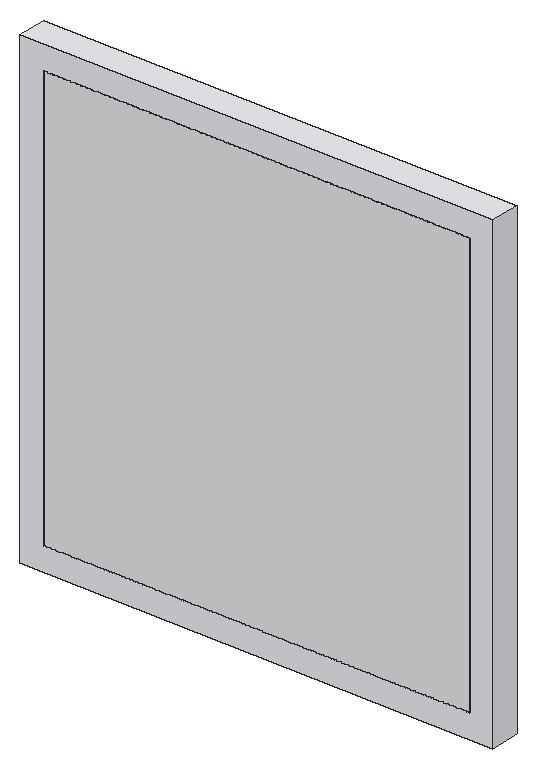
Revit family "НЕВАТОМ_Сменная касета AxB FVGU–5, версия 1", category Арматура воздуховодов, Revit 2017
Family settings
  Размер круглого соединителя = Использовать диаметр
  Тип детали = Вставляется
  На основе рабочей плоскости = Нет
  Всегда вертикально = Нет
  При загрузке вырезать с полостями = Нет
  Общий = Нет
Parameters (values of type "Сменная кассета AxB FVGU")
  ADSK_Материал = Сталь оцинкованная
  t = 20 mm  # constant formula
  Nevatom_Частотный преобразователь = ""
  Nevatom_Регулятор расхода = ""
  Nevatom_URL = "https://t.me/NEVATOM_Bim_bot"
  Nevatom_ Для задания электроснабжения = ""
  L = 25 mm
  B [instance] = 400 mm
  ADSK_Размер_Ширина [instance] = 25 mm  # constant formula
  ADSK_Размер_Длина [instance] = A  # 400 mm
  ADSK_Размер_Высота [instance] = B  # 400 mm
  ADSK_Примечание = ""
  ADSK_Позиция = ""
  ADSK_Наименование [instance] = "Сменная кассета AxB FVGU-5"
  ADSK_Материал наименование = "Оцинкованная сталь"
  ADSK_Марка [instance] = ADSK_Наименование  # "Сменная кассета AxB FVGU-5"
  ADSK_Количество = 1  # constant formula
  ADSK_Код изделия = ""
  ADSK_Завод-изготовитель = "НЕВАТОМ"  # constant formula
  ADSK_Единица измерения = "шт"  # constant formula
  A [instance] = 400 mm
Reference planes
  plane 1 "По центру (Вперед/Назад)": y = 0
  plane 2: z = 0
  plane 3 "По центру (Влево/Вправо)": x = 0
  plane 4: y = 12.5
  plane 5: y = -12.5
  plane 6: x = 200
  plane 7: x = -200
  plane 8: z = 200
  plane 9: z = -200
Forms (mm)
  Extrusion 1, solid, material "Сталь оцинкованная"
    sketch origin (0, 0, 0) x (1, 0, 0) y (0, 0, 1)
      loop
        line (-200, 200) -> (-200, -200) -> (200, -200) -> (200, 200) -> (-200, 200)
      loop
        line (-180, 180) -> (-180, -180) -> (180, -180) -> (180, 180) -> (-180, 180)
    from -12.5 to 12.5
  Extrusion 2, solid, material "Фильтрующий материал"
    sketch origin (0, 0, 0) x (1, 0, 0) y (0, 0, 1)
      loop
        line (-180, 180) -> (-180, -180) -> (180, -180) -> (180, 180) -> (-180, 180)
    from -12.5 to 12.5
Dimensions and locks
  equal spacing: plane 7, plane 3 "По центру (Влево/Вправо)", plane 6
  equal spacing: plane 4, plane 1 "По центру (Вперед/Назад)", plane 5
  "L": plane 4 to plane 5
  "A": plane 7 to plane 6
  equal spacing: plane 8, level, plane 9
  "B": plane 8 to plane 9
  "t": plane 8 to Extrusion 1 sketch curve
  "t": Extrusion 1 sketch curve to plane 9
  "t": plane 6 to Extrusion 1 sketch curve
  "t": Extrusion 1 sketch curve to plane 7
  aligned and locked: level to plane 2
  aligned and locked: Extrusion 1 sketch curve to plane 8
  aligned and locked: plane 7 to Extrusion 1 sketch curve
  aligned and locked: plane 9 to Extrusion 1 sketch curve
  aligned and locked: Extrusion 1 sketch curve to plane 6
  aligned and locked: Extrusion 2 sketch curve to Extrusion 1  (x4)
  aligned and locked: plane 4 to Extrusion 1
  aligned and locked: plane 4 to Extrusion 2
  aligned and locked: Extrusion 2 to plane 5
  aligned and locked: Extrusion 1 to plane 5
  aligned and locked: nested 1 to Extrusion 1  (x3)
Nested families
  nested 1: "Nevatom_Logo" at (-187.5, 0, 200), type "Nevatom_Logo_25x25", not visible
Connectors
  hvac at (0, -12.5, 0), driven by "B", driven by "A"
    settings: on Extrusion 1, index 1, duct flow 0.0 L/s, flow factor 0, pres drop 0.0 Pa, loss coef 0, conn angle 0.00°, conn width 400 mm, conn height 400 mm, conn diameter 609.6 mm, duct sys type 28, conn prof type 1, flow config 0, flow direction 0, loss method 0, conn ref index -1, conn util no, is conn primary yes, conn desc ""
  hvac at (0, 12.5, 0), driven by "B", driven by "A"
    settings: on Extrusion 1, index 2, duct flow 0.0 L/s, flow factor 0, pres drop 0.0 Pa, loss coef 0, conn angle 0.00°, conn width 400 mm, conn height 400 mm, conn diameter 609.6 mm, duct sys type 28, conn prof type 1, flow config 0, flow direction 0, loss method 0, conn ref index -1, conn util no, is conn primary no, conn desc ""
Definition of nested family "Nevatom_Logo"
  Parameters (values of type "Nevatom_Logo_50x50")
    Logo_Image = none
    L = 2 mm
    B = A  # 50 mm
    A = 50 mm
  Types (5, lengths in mm): name | B | A
    (no name) | 50 | 50
    Nevatom_Logo_200x200 | 200 | 200
    Nevatom_Logo_100x100 | 100 | 100
    Nevatom_Logo_50x50 | 50 | 50
    Nevatom_Logo_25x25 | 25 | 25
  Reference planes
    plane 1 "По центру (Вперед/Назад)": y = 0
    plane 2: z = 0
    plane 3 "По центру (Влево/Вправо)": x = 0
    plane 4: x = -25
    plane 5: x = 25
    plane 6: y = 25
    plane 7: y = -25
  Forms (mm)
    Extrusion 1, solid, material <- "Logo_Image"
      sketch origin (0, 0, 0) x (1, 0, 0) y (0, 1, 0)
        loop
          line (-25, 25) -> (-25, -25) -> (25, -25) -> (25, 25) -> (-25, 25)
      from 0 to 2 <- "L"
  Lines and regions (mm)
    reference lines
      curve 1: line (-25, 25, 0) -> (25, 25, 0)
      curve 2: line (25, 25, 0) -> (25, -25, 0)
      curve 3: line (25, -25, 0) -> (-25, -25, 0)
      curve 4: line (-25, -25, 0) -> (-25, 25, 0)
  Dimensions and locks
    equal spacing: plane 4, plane 3 "По центру (Влево/Вправо)", plane 5
    "A": plane 4 to plane 5
    equal spacing: plane 6, plane 1 "По центру (Вперед/Назад)", plane 7
    "B": plane 6 to plane 7
    aligned and locked: level to plane 2
    aligned and locked: plane 6 to curve 1
    aligned and locked: plane 4 to curve 4
    aligned and locked: plane 5 to curve 2
    aligned and locked: plane 7 to curve 3
    aligned and locked: Extrusion 1 sketch curve to curve 1
    aligned and locked: Extrusion 1 sketch curve to curve 4
    aligned and locked: Extrusion 1 sketch curve to curve 3
    aligned and locked: Extrusion 1 sketch curve to curve 2
